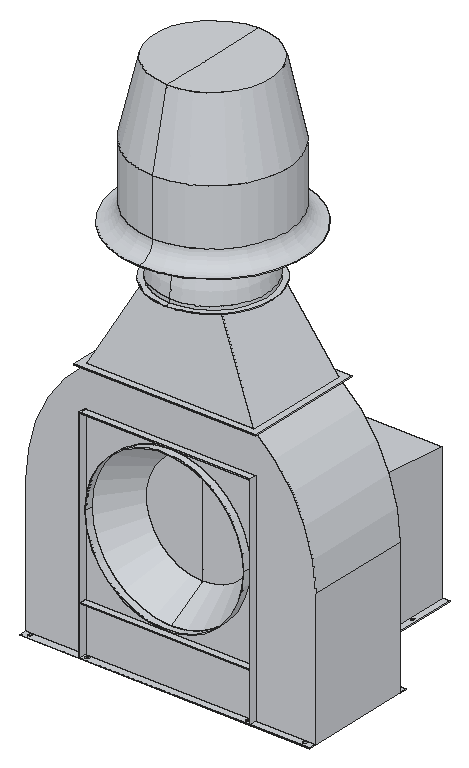
Revit family "CAVP", category Mechanical Equipment, Revit 2019 (continued)
Types (228): name | TRANSITION/2 | TRANSITION | R-((B/2)+1.5") | R+((B/2)+1.5") | R*1.1 | R | P | NOZZLE_WB_RAD-2" | NOZZLE_WB_RAD | NOZZLE_WB_OD | NOZZLE_WB/4 | NOZZLE_TOP_RAD | NOZZLE_TOP_OD | NOZZLE_SIZE | NOZZLE_HEIGHT/7*2 | NOZZLE_HEIGHT | NOZZLE_BOTTOM_RAD-3*2 | NOZZLE_BOTTOM_RAD | NOZZLE_BOTTOM_ID | N+(H/2) | N | M-(2*(D-L-K-J)) | M | L | K | J+K+L | J | HEIGHT | H/2 | H | F/2 | F | E/52*15 | E/2 | E | D-M | D-L-K-J | D | CLASS | C/2 | C | B/4 | B/2 | B | A/2 | A | Type Comments | -(F-((F-H)/2))/2 | (NOZZLE_WB_OD - NOZZLE_TOP_OD) / 4 | (NOZZLE_HEIGHT - (NOZZLE_HEIGHT / 8 * 2)) / 2 | (M - (2 * (D - L - K - J)))/2 | (F-((F-H)/2))/2 | (D-J-K-L)*2 | (B/2)-.125" | (B/2)+1.5" | ((M - (2 * (D - L - K - J))) / 2) + (TRANSITION / 2)
  365_CAVP-24L_CLASS_1 | 12.28598" | 24.57196" | 13 9/32" | 58 23/32" | 39.6" | 36" | 18 1/4" | 28 1/2" | 30 1/2" | 61" | 12.2" | 18 1/4" | 36 1/2" | 24" | 15 1/2" | 62" | 11 3/8" | 17 3/8" | 34 3/4" | 36 21/32" | 15 7/32" | 28 1/8" | 30 1/8" | 32 1/8" | 22 3/4" | 65 7/8" | 11" | 69.76237" | 21 7/16" | 42 7/8" | 22 7/16" | 44 7/8" | 22.30168" | 38 21/32" | 77 5/16" | 36 3/4" | 1" | 66 7/8" | 1" | 46 3/32" | 92 3/16" | 10 39/64" | 21 7/32" | 42 7/16" | 76 29/32" | 153 13/16" | "Vari-Plume Laboratory Exhaust Centrifugal Airfoil Class 1 Arr 10" | -20 7/16" | 6 1/8" | 23 1/4" | 14 1/16" | 20 7/16" | 2" | 21 3/32" | 22 23/32" | 26.34848"
  365_CAVP-24H_CLASS_1 | 12.28598" | 24.57196" | 13 9/32" | 58 23/32" | 39.6" | 36" | 18 1/4" | 28 1/2" | 30 1/2" | 61" | 12.2" | 18 1/4" | 36 1/2" | 24" | 15 1/2" | 62" | 11 3/8" | 17 3/8" | 34 3/4" | 36 21/32" | 15 7/32" | 28 1/8" | 30 1/8" | 32 1/8" | 22 3/4" | 65 7/8" | 11" | 69.76237" | 21 7/16" | 42 7/8" | 22 7/16" | 44 7/8" | 22.30168" | 38 21/32" | 77 5/16" | 36 3/4" | 1" | 66 7/8" | 1" | 46 3/32" | 92 3/16" | 10 39/64" | 21 7/32" | 42 7/16" | 76 29/32" | 153 13/16" | "Vari-Plume Laboratory Exhaust Centrifugal Airfoil Class 1 Arr 10" | -20 7/16" | 6 1/8" | 23 1/4" | 14 1/16" | 20 7/16" | 2" | 21 3/32" | 22 23/32" | 26.34848"
  365_CAVP-15L_CLASS_2 | 7.5572" | 15.11441" | 13 9/32" | 58 23/32" | 39.6" | 36" | 18 1/2" | 16" | 18" | 36" | 7.2" | 11 1/2" | 23" | 15" | 10 3/4" | 43" | 4 11/16" | 10 11/16" | 21 3/8" | 36 21/32" | 15 7/32" | 28 1/8" | 30 1/8" | 32 1/8" | 23" | 66 1/8" | 11" | 69.76237" | 21 7/16" | 42 7/8" | 22 7/16" | 44 7/8" | 22.30168" | 38 21/32" | 77 5/16" | 37" | 1" | 67 1/8" | 2" | 46 3/32" | 92 3/16" | 10 39/64" | 21 7/32" | 42 7/16" | 76 29/32" | 153 13/16" | "Vari-Plume Laboratory Exhaust Centrifugal Airfoil Class 2 Arr 10" | -20 7/16" | 3 1/4" | 16 1/8" | 14 1/16" | 20 7/16" | 2" | 21 3/32" | 22 23/32" | 21.6197"
  365_CAVP-15H_CLASS_2 | 7.5572" | 15.11441" | 13 9/32" | 58 23/32" | 39.6" | 36" | 18 1/2" | 16" | 18" | 36" | 7.2" | 11 1/2" | 23" | 15" | 10 3/4" | 43" | 4 11/16" | 10 11/16" | 21 3/8" | 36 21/32" | 15 7/32" | 28 1/8" | 30 1/8" | 32 1/8" | 23" | 66 1/8" | 11" | 69.76237" | 21 7/16" | 42 7/8" | 22 7/16" | 44 7/8" | 22.30168" | 38 21/32" | 77 5/16" | 37" | 1" | 67 1/8" | 2" | 46 3/32" | 92 3/16" | 10 39/64" | 21 7/32" | 42 7/16" | 76 29/32" | 153 13/16" | "Vari-Plume Laboratory Exhaust Centrifugal Airfoil Class 2 Arr 10" | -20 7/16" | 3 1/4" | 16 1/8" | 14 1/16" | 20 7/16" | 2" | 21 3/32" | 22 23/32" | 21.6197"
  365_CAVP-18L_CLASS_2 | 9.05981" | 18.11961" | 13 9/32" | 58 23/32" | 39.6" | 36" | 18 1/2" | 19 1/2" | 21 1/2" | 43" | 8.6" | 13 3/4" | 27 1/2" | 18" | 12" | 48" | 6 13/16" | 12 13/16" | 25 5/8" | 36 21/32" | 15 7/32" | 28 1/8" | 30 1/8" | 32 1/8" | 23" | 66 1/8" | 11" | 69.76237" | 21 7/16" | 42 7/8" | 22 7/16" | 44 7/8" | 22.30168" | 38 21/32" | 77 5/16" | 37" | 1" | 67 1/8" | 2" | 46 3/32" | 92 3/16" | 10 39/64" | 21 7/32" | 42 7/16" | 76 29/32" | 153 13/16" | "Vari-Plume Laboratory Exhaust Centrifugal Airfoil Class 2 Arr 10" | -20 7/16" | 3 7/8" | 18" | 14 1/16" | 20 7/16" | 2" | 21 3/32" | 22 23/32" | 23.12231"
  365_CAVP-18H_CLASS_2 | 9.05981" | 18.11961" | 13 9/32" | 58 23/32" | 39.6" | 36" | 18 1/2" | 19 1/2" | 21 1/2" | 43" | 8.6" | 13 3/4" | 27 1/2" | 18" | 12" | 48" | 6 13/16" | 12 13/16" | 25 5/8" | 36 21/32" | 15 7/32" | 28 1/8" | 30 1/8" | 32 1/8" | 23" | 66 1/8" | 11" | 69.76237" | 21 7/16" | 42 7/8" | 22 7/16" | 44 7/8" | 22.30168" | 38 21/32" | 77 5/16" | 37" | 1" | 67 1/8" | 2" | 46 3/32" | 92 3/16" | 10 39/64" | 21 7/32" | 42 7/16" | 76 29/32" | 153 13/16" | "Vari-Plume Laboratory Exhaust Centrifugal Airfoil Class 2 Arr 10" | -20 7/16" | 3 7/8" | 18" | 14 1/16" | 20 7/16" | 2" | 21 3/32" | 22 23/32" | 23.12231"
  365_CAVP-24L_CLASS_2 | 12.28598" | 24.57196" | 13 9/32" | 58 23/32" | 39.6" | 36" | 18 1/2" | 28 1/2" | 30 1/2" | 61" | 12.2" | 18 1/4" | 36 1/2" | 24" | 15 1/2" | 62" | 11 3/8" | 17 3/8" | 34 3/4" | 36 21/32" | 15 7/32" | 28 1/8" | 30 1/8" | 32 1/8" | 23" | 66 1/8" | 11" | 69.76237" | 21 7/16" | 42 7/8" | 22 7/16" | 44 7/8" | 22.30168" | 38 21/32" | 77 5/16" | 37" | 1" | 67 1/8" | 2" | 46 3/32" | 92 3/16" | 10 39/64" | 21 7/32" | 42 7/16" | 76 29/32" | 153 13/16" | "Vari-Plume Laboratory Exhaust Centrifugal Airfoil Class 2 Arr 10" | -20 7/16" | 6 1/8" | 23 1/4" | 14 1/16" | 20 7/16" | 2" | 21 3/32" | 22 23/32" | 26.34848"
  365_CAVP-24H_CLASS_2 | 12.28598" | 24.57196" | 13 9/32" | 58 23/32" | 39.6" | 36" | 18 1/2" | 28 1/2" | 30 1/2" | 61" | 12.2" | 18 1/4" | 36 1/2" | 24" | 15 1/2" | 62" | 11 3/8" | 17 3/8" | 34 3/4" | 36 21/32" | 15 7/32" | 28 1/8" | 30 1/8" | 32 1/8" | 23" | 66 1/8" | 11" | 69.76237" | 21 7/16" | 42 7/8" | 22 7/16" | 44 7/8" | 22.30168" | 38 21/32" | 77 5/16" | 37" | 1" | 67 1/8" | 2" | 46 3/32" | 92 3/16" | 10 39/64" | 21 7/32" | 42 7/16" | 76 29/32" | 153 13/16" | "Vari-Plume Laboratory Exhaust Centrifugal Airfoil Class 2 Arr 10" | -20 7/16" | 6 1/8" | 23 1/4" | 14 1/16" | 20 7/16" | 2" | 21 3/32" | 22 23/32" | 26.34848"
  402_CAVP-18L_CLASS_1 | 9.05981" | 18.11961" | 15 29/32" | 64 3/32" | 44" | 40" | 18 1/4" | 19 1/2" | 21 1/2" | 43" | 8.6" | 13 3/4" | 27 1/2" | 18" | 12" | 48" | 6 13/16" | 12 13/16" | 25 5/8" | 40 15/32" | 17 3/32" | 31 1/2" | 34 1/4" | 36 1/2" | 21 7/8" | 70 7/8" | 12 1/2" | 77.09221" | 23 3/8" | 46 3/4" | 24 3/8" | 48 3/4" | 24.5012" | 42 15/32" | 84 15/16" | 38" | 1 3/8" | 72 1/4" | 1" | 50 3/8" | 100 3/4" | 11 19/64" | 22 19/32" | 45 3/16" | 89 3/8" | 178 3/4" | "Vari-Plume Laboratory Exhaust Centrifugal Airfoil Class 1 Arr 10" | -22 3/8" | 3 7/8" | 18" | 15 3/4" | 22 3/8" | 2 3/4" | 22 15/32" | 24 3/32" | 24.80981"
  402_CAVP-18H_CLASS_1 | 9.05981" | 18.11961" | 15 29/32" | 64 3/32" | 44" | 40" | 18 1/4" | 19 1/2" | 21 1/2" | 43" | 8.6" | 13 3/4" | 27 1/2" | 18" | 12" | 48" | 6 13/16" | 12 13/16" | 25 5/8" | 40 15/32" | 17 3/32" | 31 1/2" | 34 1/4" | 36 1/2" | 21 7/8" | 70 7/8" | 12 1/2" | 77.09221" | 23 3/8" | 46 3/4" | 24 3/8" | 48 3/4" | 24.5012" | 42 15/32" | 84 15/16" | 38" | 1 3/8" | 72 1/4" | 1" | 50 3/8" | 100 3/4" | 11 19/64" | 22 19/32" | 45 3/16" | 89 3/8" | 178 3/4" | "Vari-Plume Laboratory Exhaust Centrifugal Airfoil Class 1 Arr 10" | -22 3/8" | 3 7/8" | 18" | 15 3/4" | 22 3/8" | 2 3/4" | 22 15/32" | 24 3/32" | 24.80981"
  402_CAVP-24L_CLASS_1 | 12.28598" | 24.57196" | 15 29/32" | 64 3/32" | 44" | 40" | 18 1/4" | 28 1/2" | 30 1/2" | 61" | 12.2" | 18 1/4" | 36 1/2" | 24" | 15 1/2" | 62" | 11 3/8" | 17 3/8" | 34 3/4" | 40 15/32" | 17 3/32" | 31 1/2" | 34 1/4" | 36 1/2" | 21 7/8" | 70 7/8" | 12 1/2" | 77.09221" | 23 3/8" | 46 3/4" | 24 3/8" | 48 3/4" | 24.5012" | 42 15/32" | 84 15/16" | 38" | 1 3/8" | 72 1/4" | 1" | 50 3/8" | 100 3/4" | 11 19/64" | 22 19/32" | 45 3/16" | 89 3/8" | 178 3/4" | "Vari-Plume Laboratory Exhaust Centrifugal Airfoil Class 1 Arr 10" | -22 3/8" | 6 1/8" | 23 1/4" | 15 3/4" | 22 3/8" | 2 3/4" | 22 15/32" | 24 3/32" | 28.03598"
  402_CAVP-24H_CLASS_1 | 12.28598" | 24.57196" | 15 29/32" | 64 3/32" | 44" | 40" | 18 1/4" | 28 1/2" | 30 1/2" | 61" | 12.2" | 18 1/4" | 36 1/2" | 24" | 15 1/2" | 62" | 11 3/8" | 17 3/8" | 34 3/4" | 40 15/32" | 17 3/32" | 31 1/2" | 34 1/4" | 36 1/2" | 21 7/8" | 70 7/8" | 12 1/2" | 77.09221" | 23 3/8" | 46 3/4" | 24 3/8" | 48 3/4" | 24.5012" | 42 15/32" | 84 15/16" | 38" | 1 3/8" | 72 1/4" | 1" | 50 3/8" | 100 3/4" | 11 19/64" | 22 19/32" | 45 3/16" | 89 3/8" | 178 3/4" | "Vari-Plume Laboratory Exhaust Centrifugal Airfoil Class 1 Arr 10" | -22 3/8" | 6 1/8" | 23 1/4" | 15 3/4" | 22 3/8" | 2 3/4" | 22 15/32" | 24 3/32" | 28.03598"
  402_CAVP-30L_CLASS_1 | 15.02602" | 30.05204" | 15 29/32" | 64 3/32" | 44" | 40" | 18 1/4" | 35" | 37" | 74" | 14.8" | 22 3/4" | 45 1/2" | 30" | 19 1/2" | 78" | 15 1/4" | 21 1/4" | 42 1/2" | 40 15/32" | 17 3/32" | 31 1/2" | 34 1/4" | 36 1/2" | 21 7/8" | 70 7/8" | 12 1/2" | 77.09221" | 23 3/8" | 46 3/4" | 24 3/8" | 48 3/4" | 24.5012" | 42 15/32" | 84 15/16" | 38" | 1 3/8" | 72 1/4" | 1" | 50 3/8" | 100 3/4" | 11 19/64" | 22 19/32" | 45 3/16" | 89 3/8" | 178 3/4" | "Vari-Plume Laboratory Exhaust Centrifugal Airfoil Class 1 Arr 10" | -22 3/8" | 7 1/8" | 29 1/4" | 15 3/4" | 22 3/8" | 2 3/4" | 22 15/32" | 24 3/32" | 30.77602"
  402_CAVP-30H_CLASS_1 | 15.02602" | 30.05204" | 15 29/32" | 64 3/32" | 44" | 40" | 18 1/4" | 35" | 37" | 74" | 14.8" | 22 3/4" | 45 1/2" | 30" | 19 1/2" | 78" | 15 1/4" | 21 1/4" | 42 1/2" | 40 15/32" | 17 3/32" | 31 1/2" | 34 1/4" | 36 1/2" | 21 7/8" | 70 7/8" | 12 1/2" | 77.09221" | 23 3/8" | 46 3/4" | 24 3/8" | 48 3/4" | 24.5012" | 42 15/32" | 84 15/16" | 38" | 1 3/8" | 72 1/4" | 1" | 50 3/8" | 100 3/4" | 11 19/64" | 22 19/32" | 45 3/16" | 89 3/8" | 178 3/4" | "Vari-Plume Laboratory Exhaust Centrifugal Airfoil Class 1 Arr 10" | -22 3/8" | 7 1/8" | 29 1/4" | 15 3/4" | 22 3/8" | 2 3/4" | 22 15/32" | 24 3/32" | 30.77602"
  402_CAVP-18L_CLASS_2 | 9.05981" | 18.11961" | 15 29/32" | 64 3/32" | 44" | 40" | 19 1/2" | 19 1/2" | 21 1/2" | 43" | 8.6" | 13 3/4" | 27 1/2" | 18" | 12" | 48" | 6 13/16" | 12 13/16" | 25 5/8" | 40 15/32" | 17 3/32" | 31 1/2" | 34 1/4" | 36 1/2" | 21 7/8" | 70 7/8" | 12 1/2" | 77.09221" | 23 3/8" | 46 3/4" | 24 3/8" | 48 3/4" | 24.5012" | 42 15/32" | 84 15/16" | 38" | 1 3/8" | 72 1/4" | 2" | 50 3/8" | 100 3/4" | 11 19/64" | 22 19/32" | 45 3/16" | 89 3/8" | 178 3/4" | "Vari-Plume Laboratory Exhaust Centrifugal Airfoil Class 2 Arr 10" | -22 3/8" | 3 7/8" | 18" | 15 3/4" | 22 3/8" | 2 3/4" | 22 15/32" | 24 3/32" | 24.80981"
  402_CAVP-18H_CLASS_2 | 9.05981" | 18.11961" | 15 29/32" | 64 3/32" | 44" | 40" | 19 1/2" | 19 1/2" | 21 1/2" | 43" | 8.6" | 13 3/4" | 27 1/2" | 18" | 12" | 48" | 6 13/16" | 12 13/16" | 25 5/8" | 40 15/32" | 17 3/32" | 31 1/2" | 34 1/4" | 36 1/2" | 21 7/8" | 70 7/8" | 12 1/2" | 77.09221" | 23 3/8" | 46 3/4" | 24 3/8" | 48 3/4" | 24.5012" | 42 15/32" | 84 15/16" | 38" | 1 3/8" | 72 1/4" | 2" | 50 3/8" | 100 3/4" | 11 19/64" | 22 19/32" | 45 3/16" | 89 3/8" | 178 3/4" | "Vari-Plume Laboratory Exhaust Centrifugal Airfoil Class 2 Arr 10" | -22 3/8" | 3 7/8" | 18" | 15 3/4" | 22 3/8" | 2 3/4" | 22 15/32" | 24 3/32" | 24.80981"
  402_CAVP-24L_CLASS_2 | 12.28598" | 24.57196" | 15 29/32" | 64 3/32" | 44" | 40" | 19 1/2" | 28 1/2" | 30 1/2" | 61" | 12.2" | 18 1/4" | 36 1/2" | 24" | 15 1/2" | 62" | 11 3/8" | 17 3/8" | 34 3/4" | 40 15/32" | 17 3/32" | 31 1/2" | 34 1/4" | 36 1/2" | 21 7/8" | 70 7/8" | 12 1/2" | 77.09221" | 23 3/8" | 46 3/4" | 24 3/8" | 48 3/4" | 24.5012" | 42 15/32" | 84 15/16" | 38" | 1 3/8" | 72 1/4" | 2" | 50 3/8" | 100 3/4" | 11 19/64" | 22 19/32" | 45 3/16" | 89 3/8" | 178 3/4" | "Vari-Plume Laboratory Exhaust Centrifugal Airfoil Class 2 Arr 10" | -22 3/8" | 6 1/8" | 23 1/4" | 15 3/4" | 22 3/8" | 2 3/4" | 22 15/32" | 24 3/32" | 28.03598"
  402_CAVP-24H_CLASS_2 | 12.28598" | 24.57196" | 15 29/32" | 64 3/32" | 44" | 40" | 19 1/2" | 28 1/2" | 30 1/2" | 61" | 12.2" | 18 1/4" | 36 1/2" | 24" | 15 1/2" | 62" | 11 3/8" | 17 3/8" | 34 3/4" | 40 15/32" | 17 3/32" | 31 1/2" | 34 1/4" | 36 1/2" | 21 7/8" | 70 7/8" | 12 1/2" | 77.09221" | 23 3/8" | 46 3/4" | 24 3/8" | 48 3/4" | 24.5012" | 42 15/32" | 84 15/16" | 38" | 1 3/8" | 72 1/4" | 2" | 50 3/8" | 100 3/4" | 11 19/64" | 22 19/32" | 45 3/16" | 89 3/8" | 178 3/4" | "Vari-Plume Laboratory Exhaust Centrifugal Airfoil Class 2 Arr 10" | -22 3/8" | 6 1/8" | 23 1/4" | 15 3/4" | 22 3/8" | 2 3/4" | 22 15/32" | 24 3/32" | 28.03598"
  402_CAVP-30L_CLASS_2 | 15.02602" | 30.05204" | 15 29/32" | 64 3/32" | 44" | 40" | 19 1/2" | 35" | 37" | 74" | 14.8" | 22 3/4" | 45 1/2" | 30" | 19 1/2" | 78" | 15 1/4" | 21 1/4" | 42 1/2" | 40 15/32" | 17 3/32" | 31 1/2" | 34 1/4" | 36 1/2" | 21 7/8" | 70 7/8" | 12 1/2" | 77.09221" | 23 3/8" | 46 3/4" | 24 3/8" | 48 3/4" | 24.5012" | 42 15/32" | 84 15/16" | 38" | 1 3/8" | 72 1/4" | 2" | 50 3/8" | 100 3/4" | 11 19/64" | 22 19/32" | 45 3/16" | 89 3/8" | 178 3/4" | "Vari-Plume Laboratory Exhaust Centrifugal Airfoil Class 2 Arr 10" | -22 3/8" | 7 1/8" | 29 1/4" | 15 3/4" | 22 3/8" | 2 3/4" | 22 15/32" | 24 3/32" | 30.77602"
  402_CAVP-30H_CLASS_2 | 15.02602" | 30.05204" | 15 29/32" | 64 3/32" | 44" | 40" | 19 1/2" | 35" | 37" | 74" | 14.8" | 22 3/4" | 45 1/2" | 30" | 19 1/2" | 78" | 15 1/4" | 21 1/4" | 42 1/2" | 40 15/32" | 17 3/32" | 31 1/2" | 34 1/4" | 36 1/2" | 21 7/8" | 70 7/8" | 12 1/2" | 77.09221" | 23 3/8" | 46 3/4" | 24 3/8" | 48 3/4" | 24.5012" | 42 15/32" | 84 15/16" | 38" | 1 3/8" | 72 1/4" | 2" | 50 3/8" | 100 3/4" | 11 19/64" | 22 19/32" | 45 3/16" | 89 3/8" | 178 3/4" | "Vari-Plume Laboratory Exhaust Centrifugal Airfoil Class 2 Arr 10" | -22 3/8" | 7 1/8" | 29 1/4" | 15 3/4" | 22 3/8" | 2 3/4" | 22 15/32" | 24 3/32" | 30.77602"
  445_CAVP-24H_CLASS_1 | 12.28598" | 24.57196" | 17 25/32" | 70 7/32" | 48.4" | 44" | 18 1/4" | 28 1/2" | 30 1/2" | 61" | 12.2" | 18 1/4" | 36 1/2" | 24" | 15 1/2" | 62" | 11 3/8" | 17 3/8" | 34 3/4" | 44 27/32" | 19 15/32" | 34 3/4" | 37 1/2" | 39 3/4" | 25 7/8" | 78 5/8" | 13" | 84.91333" | 25 3/8" | 50 3/4" | 26 3/8" | 52 3/4" | 27.02524" | 46 27/32" | 93 11/16" | 42 1/2" | 1 3/8" | 80" | 1" | 56 7/16" | 112 7/8" | 12 23/64" | 24 23/32" | 49 7/16" | 95 7/16" | 190 7/8" | "Vari-Plume Laboratory Exhaust Centrifugal Airfoil Class 1 Arr 10" | -24 3/8" | 6 1/8" | 23 1/4" | 17 3/8" | 24 3/8" | 2 3/4" | 24 19/32" | 26 7/32" | 29.66098"
  445_CAVP-24L_CLASS_1 | 12.28598" | 24.57196" | 17 25/32" | 70 7/32" | 48.4" | 44" | 18 1/4" | 28 1/2" | 30 1/2" | 61" | 12.2" | 18 1/4" | 36 1/2" | 24" | 15 1/2" | 62" | 11 3/8" | 17 3/8" | 34 3/4" | 44 27/32" | 19 15/32" | 34 3/4" | 37 1/2" | 39 3/4" | 25 7/8" | 78 5/8" | 13" | 84.91333" | 25 3/8" | 50 3/4" | 26 3/8" | 52 3/4" | 27.02524" | 46 27/32" | 93 11/16" | 42 1/2" | 1 3/8" | 80" | 1" | 56 7/16" | 112 7/8" | 12 23/64" | 24 23/32" | 49 7/16" | 95 7/16" | 190 7/8" | "Vari-Plume Laboratory Exhaust Centrifugal Airfoil Class 1 Arr 10" | -24 3/8" | 6 1/8" | 23 1/4" | 17 3/8" | 24 3/8" | 2 3/4" | 24 19/32" | 26 7/32" | 29.66098"
  445_CAVP-30H_CLASS_1 | 15.02602" | 30.05204" | 17 25/32" | 70 7/32" | 48.4" | 44" | 18 1/4" | 35" | 37" | 74" | 14.8" | 22 3/4" | 45 1/2" | 30" | 19 1/2" | 78" | 15 1/4" | 21 1/4" | 42 1/2" | 44 27/32" | 19 15/32" | 34 3/4" | 37 1/2" | 39 3/4" | 25 7/8" | 78 5/8" | 13" | 84.91333" | 25 3/8" | 50 3/4" | 26 3/8" | 52 3/4" | 27.02524" | 46 27/32" | 93 11/16" | 42 1/2" | 1 3/8" | 80" | 1" | 56 7/16" | 112 7/8" | 12 23/64" | 24 23/32" | 49 7/16" | 95 7/16" | 190 7/8" | "Vari-Plume Laboratory Exhaust Centrifugal Airfoil Class 1 Arr 10" | -24 3/8" | 7 1/8" | 29 1/4" | 17 3/8" | 24 3/8" | 2 3/4" | 24 19/32" | 26 7/32" | 32.40102"
  445_CAVP-30L_CLASS_1 | 15.02602" | 30.05204" | 17 25/32" | 70 7/32" | 48.4" | 44" | 18 1/4" | 35" | 37" | 74" | 14.8" | 22 3/4" | 45 1/2" | 30" | 19 1/2" | 78" | 15 1/4" | 21 1/4" | 42 1/2" | 44 27/32" | 19 15/32" | 34 3/4" | 37 1/2" | 39 3/4" | 25 7/8" | 78 5/8" | 13" | 84.91333" | 25 3/8" | 50 3/4" | 26 3/8" | 52 3/4" | 27.02524" | 46 27/32" | 93 11/16" | 42 1/2" | 1 3/8" | 80" | 1" | 56 7/16" | 112 7/8" | 12 23/64" | 24 23/32" | 49 7/16" | 95 7/16" | 190 7/8" | "Vari-Plume Laboratory Exhaust Centrifugal Airfoil Class 1 Arr 10" | -24 3/8" | 7 1/8" | 29 1/4" | 17 3/8" | 24 3/8" | 2 3/4" | 24 19/32" | 26 7/32" | 32.40102"
  445_CAVP-24H_CLASS_2 | 12.28598" | 24.57196" | 17 25/32" | 70 7/32" | 48.4" | 44" | 19 1/2" | 28 1/2" | 30 1/2" | 61" | 12.2" | 18 1/4" | 36 1/2" | 24" | 15 1/2" | 62" | 11 3/8" | 17 3/8" | 34 3/4" | 44 27/32" | 19 15/32" | 34 3/4" | 37 1/2" | 39 3/4" | 25 7/8" | 78 5/8" | 13" | 84.91333" | 25 3/8" | 50 3/4" | 26 3/8" | 52 3/4" | 27.02524" | 46 27/32" | 93 11/16" | 42 1/2" | 1 3/8" | 80" | 2" | 56 7/16" | 112 7/8" | 12 23/64" | 24 23/32" | 49 7/16" | 95 7/16" | 190 7/8" | "Vari-Plume Laboratory Exhaust Centrifugal Airfoil Class 2 Arr 10" | -24 3/8" | 6 1/8" | 23 1/4" | 17 3/8" | 24 3/8" | 2 3/4" | 24 19/32" | 26 7/32" | 29.66098"
  445_CAVP-24L_CLASS_2 | 12.28598" | 24.57196" | 17 25/32" | 70 7/32" | 48.4" | 44" | 19 1/2" | 28 1/2" | 30 1/2" | 61" | 12.2" | 18 1/4" | 36 1/2" | 24" | 15 1/2" | 62" | 11 3/8" | 17 3/8" | 34 3/4" | 44 27/32" | 19 15/32" | 34 3/4" | 37 1/2" | 39 3/4" | 25 7/8" | 78 5/8" | 13" | 84.91333" | 25 3/8" | 50 3/4" | 26 3/8" | 52 3/4" | 27.02524" | 46 27/32" | 93 11/16" | 42 1/2" | 1 3/8" | 80" | 2" | 56 7/16" | 112 7/8" | 12 23/64" | 24 23/32" | 49 7/16" | 95 7/16" | 190 7/8" | "Vari-Plume Laboratory Exhaust Centrifugal Airfoil Class 2 Arr 10" | -24 3/8" | 6 1/8" | 23 1/4" | 17 3/8" | 24 3/8" | 2 3/4" | 24 19/32" | 26 7/32" | 29.66098"
  445_CAVP-30H_CLASS_2 | 15.02602" | 30.05204" | 17 25/32" | 70 7/32" | 48.4" | 44" | 19 1/2" | 35" | 37" | 74" | 14.8" | 22 3/4" | 45 1/2" | 30" | 19 1/2" | 78" | 15 1/4" | 21 1/4" | 42 1/2" | 44 27/32" | 19 15/32" | 34 3/4" | 37 1/2" | 39 3/4" | 25 7/8" | 78 5/8" | 13" | 84.91333" | 25 3/8" | 50 3/4" | 26 3/8" | 52 3/4" | 27.02524" | 46 27/32" | 93 11/16" | 42 1/2" | 1 3/8" | 80" | 2" | 56 7/16" | 112 7/8" | 12 23/64" | 24 23/32" | 49 7/16" | 95 7/16" | 190 7/8" | "Vari-Plume Laboratory Exhaust Centrifugal Airfoil Class 2 Arr 10" | -24 3/8" | 7 1/8" | 29 1/4" | 17 3/8" | 24 3/8" | 2 3/4" | 24 19/32" | 26 7/32" | 32.40102"
  445_CAVP-30L_CLASS_2 | 15.02602" | 30.05204" | 17 25/32" | 70 7/32" | 48.4" | 44" | 19 1/2" | 35" | 37" | 74" | 14.8" | 22 3/4" | 45 1/2" | 30" | 19 1/2" | 78" | 15 1/4" | 21 1/4" | 42 1/2" | 44 27/32" | 19 15/32" | 34 3/4" | 37 1/2" | 39 3/4" | 25 7/8" | 78 5/8" | 13" | 84.91333" | 25 3/8" | 50 3/4" | 26 3/8" | 52 3/4" | 27.02524" | 46 27/32" | 93 11/16" | 42 1/2" | 1 3/8" | 80" | 2" | 56 7/16" | 112 7/8" | 12 23/64" | 24 23/32" | 49 7/16" | 95 7/16" | 190 7/8" | "Vari-Plume Laboratory Exhaust Centrifugal Airfoil Class 2 Arr 10" | -24 3/8" | 7 1/8" | 29 1/4" | 17 3/8" | 24 3/8" | 2 3/4" | 24 19/32" | 26 7/32" | 32.40102"
  490_CAVP-24H_CLASS_1 | 12.28598" | 24.57196" | 19" | 77" | 52.8" | 48" | 18 1/2" | 28 1/2" | 30 1/2" | 61" | 12.2" | 18 1/4" | 36 1/2" | 24" | 15 1/2" | 62" | 11 3/8" | 17 3/8" | 34 3/4" | 49 15/32" | 20 5/8" | 38 3/16" | 40 15/16" | 43 3/16" | 21 7/8" | 78 9/16" | 13 1/2" | 92.95281" | 28 27/32" | 57 11/16" | 29 27/32" | 59 11/16" | 29.69351" | 51 15/32" | 102 15/16" | 39" | 1 3/8" | 79 15/16" | 1" | 61 17/32" | 123 1/16" | 13 3/4" | 27 1/2" | 55" | 108 29/32" | 217 13/16" | "Vari-Plume Laboratory Exhaust Centrifugal Airfoil Class 1 Arr 10" | -27 27/32" | 6 1/8" | 23 1/4" | 19 3/32" | 27 27/32" | 2 3/4" | 27 3/8" | 29" | 31.37973"
  490_CAVP-24L_CLASS_1 | 12.28598" | 24.57196" | 19" | 77" | 52.8" | 48" | 18 1/2" | 28 1/2" | 30 1/2" | 61" | 12.2" | 18 1/4" | 36 1/2" | 24" | 15 1/2" | 62" | 11 3/8" | 17 3/8" | 34 3/4" | 49 15/32" | 20 5/8" | 38 3/16" | 40 15/16" | 43 3/16" | 21 7/8" | 78 9/16" | 13 1/2" | 92.95281" | 28 27/32" | 57 11/16" | 29 27/32" | 59 11/16" | 29.69351" | 51 15/32" | 102 15/16" | 39" | 1 3/8" | 79 15/16" | 1" | 61 17/32" | 123 1/16" | 13 3/4" | 27 1/2" | 55" | 108 29/32" | 217 13/16" | "Vari-Plume Laboratory Exhaust Centrifugal Airfoil Class 1 Arr 10" | -27 27/32" | 6 1/8" | 23 1/4" | 19 3/32" | 27 27/32" | 2 3/4" | 27 3/8" | 29" | 31.37973"
  490_CAVP-30H_CLASS_1 | 15.02602" | 30.05204" | 19" | 77" | 52.8" | 48" | 18 1/2" | 35" | 37" | 74" | 14.8" | 22 3/4" | 45 1/2" | 30" | 19 1/2" | 78" | 15 1/4" | 21 1/4" | 42 1/2" | 49 15/32" | 20 5/8" | 38 3/16" | 40 15/16" | 43 3/16" | 21 7/8" | 78 9/16" | 13 1/2" | 92.95281" | 28 27/32" | 57 11/16" | 29 27/32" | 59 11/16" | 29.69351" | 51 15/32" | 102 15/16" | 39" | 1 3/8" | 79 15/16" | 1" | 61 17/32" | 123 1/16" | 13 3/4" | 27 1/2" | 55" | 108 29/32" | 217 13/16" | "Vari-Plume Laboratory Exhaust Centrifugal Airfoil Class 1 Arr 10" | -27 27/32" | 7 1/8" | 29 1/4" | 19 3/32" | 27 27/32" | 2 3/4" | 27 3/8" | 29" | 34.11977"
  490_CAVP-30L_CLASS_1 | 15.02602" | 30.05204" | 19" | 77" | 52.8" | 48" | 18 1/2" | 35" | 37" | 74" | 14.8" | 22 3/4" | 45 1/2" | 30" | 19 1/2" | 78" | 15 1/4" | 21 1/4" | 42 1/2" | 49 15/32" | 20 5/8" | 38 3/16" | 40 15/16" | 43 3/16" | 21 7/8" | 78 9/16" | 13 1/2" | 92.95281" | 28 27/32" | 57 11/16" | 29 27/32" | 59 11/16" | 29.69351" | 51 15/32" | 102 15/16" | 39" | 1 3/8" | 79 15/16" | 1" | 61 17/32" | 123 1/16" | 13 3/4" | 27 1/2" | 55" | 108 29/32" | 217 13/16" | "Vari-Plume Laboratory Exhaust Centrifugal Airfoil Class 1 Arr 10" | -27 27/32" | 7 1/8" | 29 1/4" | 19 3/32" | 27 27/32" | 2 3/4" | 27 3/8" | 29" | 34.11977"
  490_CAVP-36H_CLASS_1 | 18.29639" | 36.59278" | 19" | 77" | 52.8" | 48" | 18 1/2" | 43" | 45" | 90" | 18" | 29" | 58" | 36" | 23 3/4" | 95" | 19 7/8" | 25 7/8" | 51 3/4" | 49 15/32" | 20 5/8" | 38 3/16" | 40 15/16" | 43 3/16" | 21 7/8" | 78 9/16" | 13 1/2" | 92.95281" | 28 27/32" | 57 11/16" | 29 27/32" | 59 11/16" | 29.69351" | 51 15/32" | 102 15/16" | 39" | 1 3/8" | 79 15/16" | 1" | 61 17/32" | 123 1/16" | 13 3/4" | 27 1/2" | 55" | 108 29/32" | 217 13/16" | "Vari-Plume Laboratory Exhaust Centrifugal Airfoil Class 1 Arr 10" | -27 27/32" | 8" | 35 5/8" | 19 3/32" | 27 27/32" | 2 3/4" | 27 3/8" | 29" | 37.39014"
  490_CAVP-36L_CLASS_1 | 18.29639" | 36.59278" | 19" | 77" | 52.8" | 48" | 18 1/2" | 43" | 45" | 90" | 18" | 29" | 58" | 36" | 23 3/4" | 95" | 19 7/8" | 25 7/8" | 51 3/4" | 49 15/32" | 20 5/8" | 38 3/16" | 40 15/16" | 43 3/16" | 21 7/8" | 78 9/16" | 13 1/2" | 92.95281" | 28 27/32" | 57 11/16" | 29 27/32" | 59 11/16" | 29.69351" | 51 15/32" | 102 15/16" | 39" | 1 3/8" | 79 15/16" | 1" | 61 17/32" | 123 1/16" | 13 3/4" | 27 1/2" | 55" | 108 29/32" | 217 13/16" | "Vari-Plume Laboratory Exhaust Centrifugal Airfoil Class 1 Arr 10" | -27 27/32" | 8" | 35 5/8" | 19 3/32" | 27 27/32" | 2 3/4" | 27 3/8" | 29" | 37.39014"
  490_CAVP-24H_CLASS_2 | 12.28598" | 24.57196" | 19" | 77" | 52.8" | 48" | 21 7/8" | 28 1/2" | 30 1/2" | 61" | 12.2" | 18 1/4" | 36 1/2" | 24" | 15 1/2" | 62" | 11 3/8" | 17 3/8" | 34 3/4" | 49 15/32" | 20 5/8" | 38 3/16" | 40 15/16" | 43 3/16" | 25 7/8" | 82 9/16" | 13 1/2" | 92.95281" | 28 27/32" | 57 11/16" | 29 27/32" | 59 11/16" | 29.69351" | 51 15/32" | 102 15/16" | 43" | 1 3/8" | 83 15/16" | 2" | 61 17/32" | 123 1/16" | 13 3/4" | 27 1/2" | 55" | 108 29/32" | 217 13/16" | "Vari-Plume Laboratory Exhaust Centrifugal Airfoil Class 2 Arr 10" | -27 27/32" | 6 1/8" | 23 1/4" | 19 3/32" | 27 27/32" | 2 3/4" | 27 3/8" | 29" | 31.37973"
  490_CAVP-24L_CLASS_2 | 12.28598" | 24.57196" | 19" | 77" | 52.8" | 48" | 21 7/8" | 28 1/2" | 30 1/2" | 61" | 12.2" | 18 1/4" | 36 1/2" | 24" | 15 1/2" | 62" | 11 3/8" | 17 3/8" | 34 3/4" | 49 15/32" | 20 5/8" | 38 3/16" | 40 15/16" | 43 3/16" | 25 7/8" | 82 9/16" | 13 1/2" | 92.95281" | 28 27/32" | 57 11/16" | 29 27/32" | 59 11/16" | 29.69351" | 51 15/32" | 102 15/16" | 43" | 1 3/8" | 83 15/16" | 2" | 61 17/32" | 123 1/16" | 13 3/4" | 27 1/2" | 55" | 108 29/32" | 217 13/16" | "Vari-Plume Laboratory Exhaust Centrifugal Airfoil Class 2 Arr 10" | -27 27/32" | 6 1/8" | 23 1/4" | 19 3/32" | 27 27/32" | 2 3/4" | 27 3/8" | 29" | 31.37973"
  490_CAVP-30H_CLASS_2 | 15.02602" | 30.05204" | 19" | 77" | 52.8" | 48" | 21 7/8" | 35" | 37" | 74" | 14.8" | 22 3/4" | 45 1/2" | 30" | 19 1/2" | 78" | 15 1/4" | 21 1/4" | 42 1/2" | 49 15/32" | 20 5/8" | 38 3/16" | 40 15/16" | 43 3/16" | 25 7/8" | 82 9/16" | 13 1/2" | 92.95281" | 28 27/32" | 57 11/16" | 29 27/32" | 59 11/16" | 29.69351" | 51 15/32" | 102 15/16" | 43" | 1 3/8" | 83 15/16" | 2" | 61 17/32" | 123 1/16" | 13 3/4" | 27 1/2" | 55" | 108 29/32" | 217 13/16" | "Vari-Plume Laboratory Exhaust Centrifugal Airfoil Class 2 Arr 10" | -27 27/32" | 7 1/8" | 29 1/4" | 19 3/32" | 27 27/32" | 2 3/4" | 27 3/8" | 29" | 34.11977"
  490_CAVP-30L_CLASS_2 | 15.02602" | 30.05204" | 19" | 77" | 52.8" | 48" | 21 7/8" | 35" | 37" | 74" | 14.8" | 22 3/4" | 45 1/2" | 30" | 19 1/2" | 78" | 15 1/4" | 21 1/4" | 42 1/2" | 49 15/32" | 20 5/8" | 38 3/16" | 40 15/16" | 43 3/16" | 25 7/8" | 82 9/16" | 13 1/2" | 92.95281" | 28 27/32" | 57 11/16" | 29 27/32" | 59 11/16" | 29.69351" | 51 15/32" | 102 15/16" | 43" | 1 3/8" | 83 15/16" | 2" | 61 17/32" | 123 1/16" | 13 3/4" | 27 1/2" | 55" | 108 29/32" | 217 13/16" | "Vari-Plume Laboratory Exhaust Centrifugal Airfoil Class 2 Arr 10" | -27 27/32" | 7 1/8" | 29 1/4" | 19 3/32" | 27 27/32" | 2 3/4" | 27 3/8" | 29" | 34.11977"
  490_CAVP-36H_CLASS_2 | 18.29639" | 36.59278" | 19" | 77" | 52.8" | 48" | 21 7/8" | 43" | 45" | 90" | 18" | 29" | 58" | 36" | 23 3/4" | 95" | 19 7/8" | 25 7/8" | 51 3/4" | 49 15/32" | 20 5/8" | 38 3/16" | 40 15/16" | 43 3/16" | 25 7/8" | 82 9/16" | 13 1/2" | 92.95281" | 28 27/32" | 57 11/16" | 29 27/32" | 59 11/16" | 29.69351" | 51 15/32" | 102 15/16" | 43" | 1 3/8" | 83 15/16" | 2" | 61 17/32" | 123 1/16" | 13 3/4" | 27 1/2" | 55" | 108 29/32" | 217 13/16" | "Vari-Plume Laboratory Exhaust Centrifugal Airfoil Class 2 Arr 10" | -27 27/32" | 8" | 35 5/8" | 19 3/32" | 27 27/32" | 2 3/4" | 27 3/8" | 29" | 37.39014"
  490_CAVP-36L_CLASS_2 | 18.29639" | 36.59278" | 19" | 77" | 52.8" | 48" | 21 7/8" | 43" | 45" | 90" | 18" | 29" | 58" | 36" | 23 3/4" | 95" | 19 7/8" | 25 7/8" | 51 3/4" | 49 15/32" | 20 5/8" | 38 3/16" | 40 15/16" | 43 3/16" | 25 7/8" | 82 9/16" | 13 1/2" | 92.95281" | 28 27/32" | 57 11/16" | 29 27/32" | 59 11/16" | 29.69351" | 51 15/32" | 102 15/16" | 43" | 1 3/8" | 83 15/16" | 2" | 61 17/32" | 123 1/16" | 13 3/4" | 27 1/2" | 55" | 108 29/32" | 217 13/16" | "Vari-Plume Laboratory Exhaust Centrifugal Airfoil Class 2 Arr 10" | -27 27/32" | 8" | 35 5/8" | 19 3/32" | 27 27/32" | 2 3/4" | 27 3/8" | 29" | 37.39014"
  540_CAVP-30H_CLASS_1 | 15.02602" | 30.05204" | 21 1/2" | 84 1/2" | 58.3" | 53" | 18 1/2" | 35" | 37" | 74" | 14.8" | 22 3/4" | 45 1/2" | 30" | 19 1/2" | 78" | 15 1/4" | 21 1/4" | 42 1/2" | 54 19/32" | 23 1/4" | 42" | 44 3/4" | 47" | 25 7/8" | 86 7/8" | 14" | 102.42898" | 31 11/32" | 62 11/16" | 32 11/32" | 64 11/16" | 32.65024" | 56 19/32" | 113 3/16" | 43 1/2" | 1 3/8" | 88 1/4" | 1" | 68 9/32" | 136 9/16" | 15" | 30" | 60" | 115 21/32" | 231 5/16" | "Vari-Plume Laboratory Exhaust Centrifugal Airfoil Class 1 Arr 10" | -30 11/32" | 7 1/8" | 29 1/4" | 21" | 30 11/32" | 2 3/4" | 29 7/8" | 31 1/2" | 36.02602"
  540_CAVP-30L_CLASS_1 | 15.02602" | 30.05204" | 21 1/2" | 84 1/2" | 58.3" | 53" | 18 1/2" | 35" | 37" | 74" | 14.8" | 22 3/4" | 45 1/2" | 30" | 19 1/2" | 78" | 15 1/4" | 21 1/4" | 42 1/2" | 54 19/32" | 23 1/4" | 42" | 44 3/4" | 47" | 25 7/8" | 86 7/8" | 14" | 102.42898" | 31 11/32" | 62 11/16" | 32 11/32" | 64 11/16" | 32.65024" | 56 19/32" | 113 3/16" | 43 1/2" | 1 3/8" | 88 1/4" | 1" | 68 9/32" | 136 9/16" | 15" | 30" | 60" | 115 21/32" | 231 5/16" | "Vari-Plume Laboratory Exhaust Centrifugal Airfoil Class 1 Arr 10" | -30 11/32" | 7 1/8" | 29 1/4" | 21" | 30 11/32" | 2 3/4" | 29 7/8" | 31 1/2" | 36.02602"
  540_CAVP-36H_CLASS_1 | 18.29639" | 36.59278" | 21 1/2" | 84 1/2" | 58.3" | 53" | 18 1/2" | 43" | 45" | 90" | 18" | 29" | 58" | 36" | 23 3/4" | 95" | 19 7/8" | 25 7/8" | 51 3/4" | 54 19/32" | 23 1/4" | 42" | 44 3/4" | 47" | 25 7/8" | 86 7/8" | 14" | 102.42898" | 31 11/32" | 62 11/16" | 32 11/32" | 64 11/16" | 32.65024" | 56 19/32" | 113 3/16" | 43 1/2" | 1 3/8" | 88 1/4" | 1" | 68 9/32" | 136 9/16" | 15" | 30" | 60" | 115 21/32" | 231 5/16" | "Vari-Plume Laboratory Exhaust Centrifugal Airfoil Class 1 Arr 10" | -30 11/32" | 8" | 35 5/8" | 21" | 30 11/32" | 2 3/4" | 29 7/8" | 31 1/2" | 39.29639"
  540_CAVP-36L_CLASS_1 | 18.29639" | 36.59278" | 21 1/2" | 84 1/2" | 58.3" | 53" | 18 1/2" | 43" | 45" | 90" | 18" | 29" | 58" | 36" | 23 3/4" | 95" | 19 7/8" | 25 7/8" | 51 3/4" | 54 19/32" | 23 1/4" | 42" | 44 3/4" | 47" | 25 7/8" | 86 7/8" | 14" | 102.42898" | 31 11/32" | 62 11/16" | 32 11/32" | 64 11/16" | 32.65024" | 56 19/32" | 113 3/16" | 43 1/2" | 1 3/8" | 88 1/4" | 1" | 68 9/32" | 136 9/16" | 15" | 30" | 60" | 115 21/32" | 231 5/16" | "Vari-Plume Laboratory Exhaust Centrifugal Airfoil Class 1 Arr 10" | -30 11/32" | 8" | 35 5/8" | 21" | 30 11/32" | 2 3/4" | 29 7/8" | 31 1/2" | 39.29639"
  540_CAVP-30H_CLASS_2 | 15.02602" | 30.05204" | 21 1/2" | 84 1/2" | 58.3" | 53" | 25 3/4" | 35" | 37" | 74" | 14.8" | 22 3/4" | 45 1/2" | 30" | 19 1/2" | 78" | 15 1/4" | 21 1/4" | 42 1/2" | 54 19/32" | 23 1/4" | 42" | 44 3/4" | 47" | 30 1/8" | 91 1/8" | 14" | 102.42898" | 31 11/32" | 62 11/16" | 32 11/32" | 64 11/16" | 32.65024" | 56 19/32" | 113 3/16" | 47 3/4" | 1 3/8" | 92 1/2" | 2" | 68 9/32" | 136 9/16" | 15" | 30" | 60" | 115 21/32" | 231 5/16" | "Vari-Plume Laboratory Exhaust Centrifugal Airfoil Class 2 Arr 10" | -30 11/32" | 7 1/8" | 29 1/4" | 21" | 30 11/32" | 2 3/4" | 29 7/8" | 31 1/2" | 36.02602"
  540_CAVP-30L_CLASS_2 | 15.02602" | 30.05204" | 21 1/2" | 84 1/2" | 58.3" | 53" | 25 3/4" | 35" | 37" | 74" | 14.8" | 22 3/4" | 45 1/2" | 30" | 19 1/2" | 78" | 15 1/4" | 21 1/4" | 42 1/2" | 54 19/32" | 23 1/4" | 42" | 44 3/4" | 47" | 30 1/8" | 91 1/8" | 14" | 102.42898" | 31 11/32" | 62 11/16" | 32 11/32" | 64 11/16" | 32.65024" | 56 19/32" | 113 3/16" | 47 3/4" | 1 3/8" | 92 1/2" | 2" | 68 9/32" | 136 9/16" | 15" | 30" | 60" | 115 21/32" | 231 5/16" | "Vari-Plume Laboratory Exhaust Centrifugal Airfoil Class 2 Arr 10" | -30 11/32" | 7 1/8" | 29 1/4" | 21" | 30 11/32" | 2 3/4" | 29 7/8" | 31 1/2" | 36.02602"
  540_CAVP-36H_CLASS_2 | 18.29639" | 36.59278" | 21 1/2" | 84 1/2" | 58.3" | 53" | 25 3/4" | 43" | 45" | 90" | 18" | 29" | 58" | 36" | 23 3/4" | 95" | 19 7/8" | 25 7/8" | 51 3/4" | 54 19/32" | 23 1/4" | 42" | 44 3/4" | 47" | 30 1/8" | 91 1/8" | 14" | 102.42898" | 31 11/32" | 62 11/16" | 32 11/32" | 64 11/16" | 32.65024" | 56 19/32" | 113 3/16" | 47 3/4" | 1 3/8" | 92 1/2" | 2" | 68 9/32" | 136 9/16" | 15" | 30" | 60" | 115 21/32" | 231 5/16" | "Vari-Plume Laboratory Exhaust Centrifugal Airfoil Class 2 Arr 10" | -30 11/32" | 8" | 35 5/8" | 21" | 30 11/32" | 2 3/4" | 29 7/8" | 31 1/2" | 39.29639"
  540_CAVP-36L_CLASS_2 | 18.29639" | 36.59278" | 21 1/2" | 84 1/2" | 58.3" | 53" | 25 3/4" | 43" | 45" | 90" | 18" | 29" | 58" | 36" | 23 3/4" | 95" | 19 7/8" | 25 7/8" | 51 3/4" | 54 19/32" | 23 1/4" | 42" | 44 3/4" | 47" | 30 1/8" | 91 1/8" | 14" | 102.42898" | 31 11/32" | 62 11/16" | 32 11/32" | 64 11/16" | 32.65024" | 56 19/32" | 113 3/16" | 47 3/4" | 1 3/8" | 92 1/2" | 2" | 68 9/32" | 136 9/16" | 15" | 30" | 60" | 115 21/32" | 231 5/16" | "Vari-Plume Laboratory Exhaust Centrifugal Airfoil Class 2 Arr 10" | -30 11/32" | 8" | 35 5/8" | 21" | 30 11/32" | 2 3/4" | 29 7/8" | 31 1/2" | 39.29639"
  600_CAVP-30L_CLASS_1 | 15.02602" | 30.05204" | 24 1/2" | 93 1/2" | 64.9" | 59" | 19 1/2" | 35" | 37" | 74" | 14.8" | 22 3/4" | 45 1/2" | 30" | 19 1/2" | 78" | 15 1/4" | 21 1/4" | 42 1/2" | 60 25/32" | 26 7/16" | 46 9/16" | 49 5/16" | 51 5/8" | 25 7/8" | 92" | 14 1/2" | 113.83314" | 34 11/32" | 68 11/16" | 35 11/32" | 70 11/16" | 36.21995" | 62 25/32" | 125 9/16" | 44 1/16" | 1 3/8" | 93 3/8" | 1" | 72 11/32" | 144 11/16" | 16 1/2" | 33" | 66" | 119 23/32" | 239 7/16" | "Vari-Plume Laboratory Exhaust Centrifugal Airfoil Class 1 Arr 10" | -33 11/32" | 7 1/8" | 29 1/4" | 23 9/32" | 33 11/32" | 2 3/4" | 32 7/8" | 34 1/2" | 38.30727"
  600_CAVP-30H_CLASS_1 | 15.02602" | 30.05204" | 24 1/2" | 93 1/2" | 64.9" | 59" | 19 1/2" | 35" | 37" | 74" | 14.8" | 22 3/4" | 45 1/2" | 30" | 19 1/2" | 78" | 15 1/4" | 21 1/4" | 42 1/2" | 60 25/32" | 26 7/16" | 46 9/16" | 49 5/16" | 51 5/8" | 25 7/8" | 92" | 14 1/2" | 113.83314" | 34 11/32" | 68 11/16" | 35 11/32" | 70 11/16" | 36.21995" | 62 25/32" | 125 9/16" | 44 1/16" | 1 3/8" | 93 3/8" | 1" | 72 11/32" | 144 11/16" | 16 1/2" | 33" | 66" | 119 23/32" | 239 7/16" | "Vari-Plume Laboratory Exhaust Centrifugal Airfoil Class 1 Arr 10" | -33 11/32" | 7 1/8" | 29 1/4" | 23 9/32" | 33 11/32" | 2 3/4" | 32 7/8" | 34 1/2" | 38.30727"
  600_CAVP-36L_CLASS_1 | 18.29639" | 36.59278" | 24 1/2" | 93 1/2" | 64.9" | 59" | 19 1/2" | 43" | 45" | 90" | 18" | 29" | 58" | 36" | 23 3/4" | 95" | 19 7/8" | 25 7/8" | 51 3/4" | 60 25/32" | 26 7/16" | 46 9/16" | 49 5/16" | 51 5/8" | 25 7/8" | 92" | 14 1/2" | 113.83314" | 34 11/32" | 68 11/16" | 35 11/32" | 70 11/16" | 36.21995" | 62 25/32" | 125 9/16" | 44 1/16" | 1 3/8" | 93 3/8" | 1" | 72 11/32" | 144 11/16" | 16 1/2" | 33" | 66" | 119 23/32" | 239 7/16" | "Vari-Plume Laboratory Exhaust Centrifugal Airfoil Class 1 Arr 10" | -33 11/32" | 8" | 35 5/8" | 23 9/32" | 33 11/32" | 2 3/4" | 32 7/8" | 34 1/2" | 41.57764"
  600_CAVP-36H_CLASS_1 | 18.29639" | 36.59278" | 24 1/2" | 93 1/2" | 64.9" | 59" | 19 1/2" | 43" | 45" | 90" | 18" | 29" | 58" | 36" | 23 3/4" | 95" | 19 7/8" | 25 7/8" | 51 3/4" | 60 25/32" | 26 7/16" | 46 9/16" | 49 5/16" | 51 5/8" | 25 7/8" | 92" | 14 1/2" | 113.83314" | 34 11/32" | 68 11/16" | 35 11/32" | 70 11/16" | 36.21995" | 62 25/32" | 125 9/16" | 44 1/16" | 1 3/8" | 93 3/8" | 1" | 72 11/32" | 144 11/16" | 16 1/2" | 33" | 66" | 119 23/32" | 239 7/16" | "Vari-Plume Laboratory Exhaust Centrifugal Airfoil Class 1 Arr 10" | -33 11/32" | 8" | 35 5/8" | 23 9/32" | 33 11/32" | 2 3/4" | 32 7/8" | 34 1/2" | 41.57764"
  600_CAVP-49L_CLASS_1 | 24.52777" | 49.05553" | 24 1/2" | 93 1/2" | 64.9" | 59" | 19 1/2" | 48 1/2" | 50 1/2" | 101" | 20.2" | 38" | 76" | 49" | 27 1/2" | 110" | 28 11/16" | 34 11/16" | 69 3/8" | 60 25/32" | 26 7/16" | 46 9/16" | 49 5/16" | 51 5/8" | 25 7/8" | 92" | 14 1/2" | 113.83314" | 34 11/32" | 68 11/16" | 35 11/32" | 70 11/16" | 36.21995" | 62 25/32" | 125 9/16" | 44 1/16" | 1 3/8" | 93 3/8" | 1" | 72 11/32" | 144 11/16" | 16 1/2" | 33" | 66" | 119 23/32" | 239 7/16" | "Vari-Plume Laboratory Exhaust Centrifugal Airfoil Class 1 Arr 10" | -33 11/32" | 6 1/4" | 41 1/4" | 23 9/32" | 33 11/32" | 2 3/4" | 32 7/8" | 34 1/2" | 47.80902"
  600_CAVP-49H_CLASS_1 | 24.52777" | 49.05553" | 24 1/2" | 93 1/2" | 64.9" | 59" | 19 1/2" | 48 1/2" | 50 1/2" | 101" | 20.2" | 38" | 76" | 49" | 27 1/2" | 110" | 28 11/16" | 34 11/16" | 69 3/8" | 60 25/32" | 26 7/16" | 46 9/16" | 49 5/16" | 51 5/8" | 25 7/8" | 92" | 14 1/2" | 113.83314" | 34 11/32" | 68 11/16" | 35 11/32" | 70 11/16" | 36.21995" | 62 25/32" | 125 9/16" | 44 1/16" | 1 3/8" | 93 3/8" | 1" | 72 11/32" | 144 11/16" | 16 1/2" | 33" | 66" | 119 23/32" | 239 7/16" | "Vari-Plume Laboratory Exhaust Centrifugal Airfoil Class 1 Arr 10" | -33 11/32" | 6 1/4" | 41 1/4" | 23 9/32" | 33 11/32" | 2 3/4" | 32 7/8" | 34 1/2" | 47.80902"
  600_CAVP-30L_CLASS_2 | 15.02602" | 30.05204" | 24 1/2" | 93 1/2" | 64.9" | 59" | 26" | 35" | 37" | 74" | 14.8" | 22 3/4" | 45 1/2" | 30" | 19 1/2" | 78" | 15 1/4" | 21 1/4" | 42 1/2" | 60 25/32" | 26 7/16" | 46 9/16" | 49 5/16" | 51 9/16" | 30 1/8" | 96 3/16" | 14 1/2" | 113.83314" | 34 11/32" | 68 11/16" | 35 11/32" | 70 11/16" | 36.21995" | 62 25/32" | 125 9/16" | 48 1/4" | 1 3/8" | 97 9/16" | 2" | 72 11/32" | 144 11/16" | 16 1/2" | 33" | 66" | 119 23/32" | 239 7/16" | "Vari-Plume Laboratory Exhaust Centrifugal Airfoil Class 2 Arr 10" | -33 11/32" | 7 1/8" | 29 1/4" | 23 9/32" | 33 11/32" | 2 3/4" | 32 7/8" | 34 1/2" | 38.30727"
  600_CAVP-30H_CLASS_2 | 15.02602" | 30.05204" | 24 1/2" | 93 1/2" | 64.9" | 59" | 26" | 35" | 37" | 74" | 14.8" | 22 3/4" | 45 1/2" | 30" | 19 1/2" | 78" | 15 1/4" | 21 1/4" | 42 1/2" | 60 25/32" | 26 7/16" | 46 9/16" | 49 5/16" | 51 9/16" | 30 1/8" | 96 3/16" | 14 1/2" | 113.83314" | 34 11/32" | 68 11/16" | 35 11/32" | 70 11/16" | 36.21995" | 62 25/32" | 125 9/16" | 48 1/4" | 1 3/8" | 97 9/16" | 2" | 72 11/32" | 144 11/16" | 16 1/2" | 33" | 66" | 119 23/32" | 239 7/16" | "Vari-Plume Laboratory Exhaust Centrifugal Airfoil Class 2 Arr 10" | -33 11/32" | 7 1/8" | 29 1/4" | 23 9/32" | 33 11/32" | 2 3/4" | 32 7/8" | 34 1/2" | 38.30727"
  600_CAVP-36L_CLASS_2 | 18.29639" | 36.59278" | 24 1/2" | 93 1/2" | 64.9" | 59" | 26" | 43" | 45" | 90" | 18" | 29" | 58" | 36" | 23 3/4" | 95" | 19 7/8" | 25 7/8" | 51 3/4" | 60 25/32" | 26 7/16" | 46 9/16" | 49 5/16" | 51 9/16" | 30 1/8" | 96 3/16" | 14 1/2" | 113.83314" | 34 11/32" | 68 11/16" | 35 11/32" | 70 11/16" | 36.21995" | 62 25/32" | 125 9/16" | 48 1/4" | 1 3/8" | 97 9/16" | 2" | 72 11/32" | 144 11/16" | 16 1/2" | 33" | 66" | 119 23/32" | 239 7/16" | "Vari-Plume Laboratory Exhaust Centrifugal Airfoil Class 2 Arr 10" | -33 11/32" | 8" | 35 5/8" | 23 9/32" | 33 11/32" | 2 3/4" | 32 7/8" | 34 1/2" | 41.57764"
  600_CAVP-36H_CLASS_2 | 18.29639" | 36.59278" | 24 1/2" | 93 1/2" | 64.9" | 59" | 26" | 43" | 45" | 90" | 18" | 29" | 58" | 36" | 23 3/4" | 95" | 19 7/8" | 25 7/8" | 51 3/4" | 60 25/32" | 26 7/16" | 46 9/16" | 49 5/16" | 51 9/16" | 30 1/8" | 96 3/16" | 14 1/2" | 113.83314" | 34 11/32" | 68 11/16" | 35 11/32" | 70 11/16" | 36.21995" | 62 25/32" | 125 9/16" | 48 1/4" | 1 3/8" | 97 9/16" | 2" | 72 11/32" | 144 11/16" | 16 1/2" | 33" | 66" | 119 23/32" | 239 7/16" | "Vari-Plume Laboratory Exhaust Centrifugal Airfoil Class 2 Arr 10" | -33 11/32" | 8" | 35 5/8" | 23 9/32" | 33 11/32" | 2 3/4" | 32 7/8" | 34 1/2" | 41.57764"
  600_CAVP-49L_CLASS_2 | 24.52777" | 49.05553" | 24 1/2" | 93 1/2" | 64.9" | 59" | 26" | 48 1/2" | 50 1/2" | 101" | 20.2" | 38" | 76" | 49" | 27 1/2" | 110" | 28 11/16" | 34 11/16" | 69 3/8" | 60 25/32" | 26 7/16" | 46 9/16" | 49 5/16" | 51 9/16" | 30 1/8" | 96 3/16" | 14 1/2" | 113.83314" | 34 11/32" | 68 11/16" | 35 11/32" | 70 11/16" | 36.21995" | 62 25/32" | 125 9/16" | 48 1/4" | 1 3/8" | 97 9/16" | 2" | 72 11/32" | 144 11/16" | 16 1/2" | 33" | 66" | 119 23/32" | 239 7/16" | "Vari-Plume Laboratory Exhaust Centrifugal Airfoil Class 2 Arr 10" | -33 11/32" | 6 1/4" | 41 1/4" | 23 9/32" | 33 11/32" | 2 3/4" | 32 7/8" | 34 1/2" | 47.80902"
  600_CAVP-49H_CLASS_2 | 24.52777" | 49.05553" | 24 1/2" | 93 1/2" | 64.9" | 59" | 26" | 48 1/2" | 50 1/2" | 101" | 20.2" | 38" | 76" | 49" | 27 1/2" | 110" | 28 11/16" | 34 11/16" | 69 3/8" | 60 25/32" | 26 7/16" | 46 9/16" | 49 5/16" | 51 9/16" | 30 1/8" | 96 3/16" | 14 1/2" | 113.83314" | 34 11/32" | 68 11/16" | 35 11/32" | 70 11/16" | 36.21995" | 62 25/32" | 125 9/16" | 48 1/4" | 1 3/8" | 97 9/16" | 2" | 72 11/32" | 144 11/16" | 16 1/2" | 33" | 66" | 119 23/32" | 239 7/16" | "Vari-Plume Laboratory Exhaust Centrifugal Airfoil Class 2 Arr 10" | -33 11/32" | 6 1/4" | 41 1/4" | 23 9/32" | 33 11/32" | 2 3/4" | 32 7/8" | 34 1/2" | 47.80902"
  660_CAVP-36H_CLASS_1 | 18.29639" | 36.59278" | 27 1/2" | 102 1/2" | 71 1/2" | 65" | 19 1/2" | 43" | 45" | 90" | 18" | 29" | 58" | 36" | 23 3/4" | 95" | 19 7/8" | 25 7/8" | 51 3/4" | 66 31/32" | 29 5/8" | 51 3/16" | 53 15/16" | 56 1/4" | 29 7/8" | 101 1/8" | 15" | 125.23731" | 37 11/32" | 74 11/16" | 38 11/32" | 76 11/16" | 39.78966" | 68 31/32" | 137 15/16" | 48 9/16" | 1 3/8" | 102 1/2" | 1" | 80 1/8" | 160 1/4" | 18" | 36" | 72" | 135 1/8" | 270 1/4" | "Vari-Plume Laboratory Exhaust Centrifugal Airfoil Class 1 Arr 10" | -36 11/32" | 8" | 35 5/8" | 25 19/32" | 36 11/32" | 2 3/4" | 35 7/8" | 37 1/2" | 43.89014"
  660_CAVP-36L_CLASS_1 | 18.29639" | 36.59278" | 27 1/2" | 102 1/2" | 71 1/2" | 65" | 19 1/2" | 43" | 45" | 90" | 18" | 29" | 58" | 36" | 23 3/4" | 95" | 19 7/8" | 25 7/8" | 51 3/4" | 66 31/32" | 29 5/8" | 51 3/16" | 53 15/16" | 56 1/4" | 29 7/8" | 101 1/8" | 15" | 125.23731" | 37 11/32" | 74 11/16" | 38 11/32" | 76 11/16" | 39.78966" | 68 31/32" | 137 15/16" | 48 9/16" | 1 3/8" | 102 1/2" | 1" | 80 1/8" | 160 1/4" | 18" | 36" | 72" | 135 1/8" | 270 1/4" | "Vari-Plume Laboratory Exhaust Centrifugal Airfoil Class 1 Arr 10" | -36 11/32" | 8" | 35 5/8" | 25 19/32" | 36 11/32" | 2 3/4" | 35 7/8" | 37 1/2" | 43.89014"
  660_CAVP-49H_CLASS_1 | 24.52777" | 49.05553" | 27 1/2" | 102 1/2" | 71 1/2" | 65" | 19 1/2" | 48 1/2" | 50 1/2" | 101" | 20.2" | 38" | 76" | 49" | 27 1/2" | 110" | 28 11/16" | 34 11/16" | 69 3/8" | 66 31/32" | 29 5/8" | 51 3/16" | 53 15/16" | 56 1/4" | 29 7/8" | 101 1/8" | 15" | 125.23731" | 37 11/32" | 74 11/16" | 38 11/32" | 76 11/16" | 39.78966" | 68 31/32" | 137 15/16" | 48 9/16" | 1 3/8" | 102 1/2" | 1" | 80 1/8" | 160 1/4" | 18" | 36" | 72" | 135 1/8" | 270 1/4" | "Vari-Plume Laboratory Exhaust Centrifugal Airfoil Class 1 Arr 10" | -36 11/32" | 6 1/4" | 41 1/4" | 25 19/32" | 36 11/32" | 2 3/4" | 35 7/8" | 37 1/2" | 50.12152"
  660_CAVP-49L_CLASS_1 | 24.52777" | 49.05553" | 27 1/2" | 102 1/2" | 71 1/2" | 65" | 19 1/2" | 48 1/2" | 50 1/2" | 101" | 20.2" | 38" | 76" | 49" | 27 1/2" | 110" | 28 11/16" | 34 11/16" | 69 3/8" | 66 31/32" | 29 5/8" | 51 3/16" | 53 15/16" | 56 1/4" | 29 7/8" | 101 1/8" | 15" | 125.23731" | 37 11/32" | 74 11/16" | 38 11/32" | 76 11/16" | 39.78966" | 68 31/32" | 137 15/16" | 48 9/16" | 1 3/8" | 102 1/2" | 1" | 80 1/8" | 160 1/4" | 18" | 36" | 72" | 135 1/8" | 270 1/4" | "Vari-Plume Laboratory Exhaust Centrifugal Airfoil Class 1 Arr 10" | -36 11/32" | 6 1/4" | 41 1/4" | 25 19/32" | 36 11/32" | 2 3/4" | 35 7/8" | 37 1/2" | 50.12152"
  660_CAVP-36H_CLASS_2 | 18.29639" | 36.59278" | 27 1/2" | 102 1/2" | 71 1/2" | 65" | 29 1/2" | 43" | 45" | 90" | 18" | 29" | 58" | 36" | 23 3/4" | 95" | 19 7/8" | 25 7/8" | 51 3/4" | 66 31/32" | 29 5/8" | 51 3/16" | 53 15/16" | 56 1/4" | 38 5/8" | 109 7/8" | 15" | 125.23731" | 37 11/32" | 74 11/16" | 38 11/32" | 76 11/16" | 39.78966" | 68 31/32" | 137 15/16" | 57 5/16" | 1 3/8" | 111 1/4" | 2" | 80 1/8" | 160 1/4" | 18" | 36" | 72" | 135 1/8" | 270 1/4" | "Vari-Plume Laboratory Exhaust Centrifugal Airfoil Class 2 Arr 10" | -36 11/32" | 8" | 35 5/8" | 25 19/32" | 36 11/32" | 2 3/4" | 35 7/8" | 37 1/2" | 43.89014"
  660_CAVP-36L_CLASS_2 | 18.29639" | 36.59278" | 27 1/2" | 102 1/2" | 71 1/2" | 65" | 29 1/2" | 43" | 45" | 90" | 18" | 29" | 58" | 36" | 23 3/4" | 95" | 19 7/8" | 25 7/8" | 51 3/4" | 66 31/32" | 29 5/8" | 51 3/16" | 53 15/16" | 56 1/4" | 38 5/8" | 109 7/8" | 15" | 125.23731" | 37 11/32" | 74 11/16" | 38 11/32" | 76 11/16" | 39.78966" | 68 31/32" | 137 15/16" | 57 5/16" | 1 3/8" | 111 1/4" | 2" | 80 1/8" | 160 1/4" | 18" | 36" | 72" | 135 1/8" | 270 1/4" | "Vari-Plume Laboratory Exhaust Centrifugal Airfoil Class 2 Arr 10" | -36 11/32" | 8" | 35 5/8" | 25 19/32" | 36 11/32" | 2 3/4" | 35 7/8" | 37 1/2" | 43.89014"
  660_CAVP-49L_CLASS_2 | 24.52777" | 49.05553" | 27 1/2" | 102 1/2" | 71 1/2" | 65" | 29 1/2" | 48 1/2" | 50 1/2" | 101" | 20.2" | 38" | 76" | 49" | 27 1/2" | 110" | 28 11/16" | 34 11/16" | 69 3/8" | 66 31/32" | 29 5/8" | 51 3/16" | 53 15/16" | 56 1/4" | 38 5/8" | 109 7/8" | 15" | 125.23731" | 37 11/32" | 74 11/16" | 38 11/32" | 76 11/16" | 39.78966" | 68 31/32" | 137 15/16" | 57 5/16" | 1 3/8" | 111 1/4" | 2" | 80 1/8" | 160 1/4" | 18" | 36" | 72" | 135 1/8" | 270 1/4" | "Vari-Plume Laboratory Exhaust Centrifugal Airfoil Class 2 Arr 10" | -36 11/32" | 6 1/4" | 41 1/4" | 25 19/32" | 36 11/32" | 2 3/4" | 35 7/8" | 37 1/2" | 50.12152"
  730_CAVP-36H_CLASS_1 | 18.29639" | 36.59278" | 31" | 113" | 79.2" | 72" | 22 1/8" | 43" | 45" | 90" | 18" | 29" | 58" | 36" | 23 3/4" | 95" | 19 7/8" | 25 7/8" | 51 3/4" | 74 3/16" | 33 11/32" | 56 1/2" | 59 1/4" | 61 9/16" | 29 7/8" | 106 15/16" | 15 1/2" | 138.54216" | 40 27/32" | 81 11/16" | 41 27/32" | 83 11/16" | 43.95433" | 76 3/16" | 152 3/8" | 49 1/16" | 1 3/8" | 108 5/16" | 1" | 88 3/16" | 176 3/8" | 19 3/4" | 39 1/2" | 79" | 143 3/16" | 286 3/8" | "Vari-Plume Laboratory Exhaust Centrifugal Airfoil Class 1 Arr 10" | -39 27/32" | 8" | 35 5/8" | 28 1/4" | 39 27/32" | 2 3/4" | 39 3/8" | 41" | 46.54639"
  730_CAVP-36L_CLASS_1 | 18.29639" | 36.59278" | 31" | 113" | 79.2" | 72" | 22 1/8" | 43" | 45" | 90" | 18" | 29" | 58" | 36" | 23 3/4" | 95" | 19 7/8" | 25 7/8" | 51 3/4" | 74 3/16" | 33 11/32" | 56 1/2" | 59 1/4" | 61 9/16" | 29 7/8" | 106 15/16" | 15 1/2" | 138.54216" | 40 27/32" | 81 11/16" | 41 27/32" | 83 11/16" | 43.95433" | 76 3/16" | 152 3/8" | 49 1/16" | 1 3/8" | 108 5/16" | 1" | 88 3/16" | 176 3/8" | 19 3/4" | 39 1/2" | 79" | 143 3/16" | 286 3/8" | "Vari-Plume Laboratory Exhaust Centrifugal Airfoil Class 1 Arr 10" | -39 27/32" | 8" | 35 5/8" | 28 1/4" | 39 27/32" | 2 3/4" | 39 3/8" | 41" | 46.54639"
